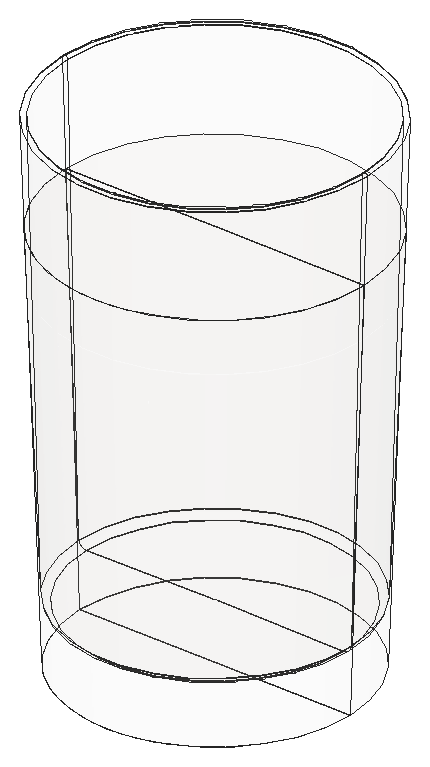
Revit family "Water Glass", category Generic Models, Revit 2015
Parameters
  Assembly Code = ""
Reference planes
  plane 1 "Center (Front/Back)": y = 0
  plane 2: z = 0
  plane 3 "Center (Left/Right)": x = 0
  plane 4: z = 254
  plane 5: z = 254
Forms (mm)
  Revolve 1, solid, material "Crystal Wine Glass"
    sketch origin (0, 0, 0) x (1, 0, 0) y (0, 0, 1)
      loop
        line (0, 0) -> (38.139, 0)
        arc (38.139, 0) -> (43.002, 68.835) -> (43.015, 137.841) r 981.288
        arc (43.015, 137.841) -> (42.245, 138.558) -> (41.528, 137.789) r 0.744
        arc (41.528, 137.789) -> (41.783, 77.568) -> (38.339, 17.445) r 979.8
        arc (38.339, 17.445) -> (37.682, 16.13) -> (36.305, 15.617) r 2.005
        arc (36.305, 15.617) -> (18.153, 15.884) -> (0, 16.026) r 2650.868
        line (0, 16.026) -> (0, 0)
      axis (0, 137.841) -> (0, 0)
    angle from 0 to 360
  Revolve 2, solid, material "Juice"
    sketch origin (0, 0, 0) x (1, 0, 0) y (0, 0, 1)
      loop
        arc (0, 16.026) -> (18.153, 15.884) -> (36.305, 15.617) r 2650.868
        arc (36.305, 15.617) -> (37.682, 16.13) -> (38.339, 17.445) r 2.005
        arc (38.339, 17.445) -> (41.317, 63.697) -> (42.105, 110.038) r 979.8
        line (42.105, 110.038) -> (0, 110.038) -> (0, 16.026)
      axis (0, 110.038) -> (0, 15.617)
    angle from 0 to 360
Dimensions and locks
  level to plane 4 = 254 mm
